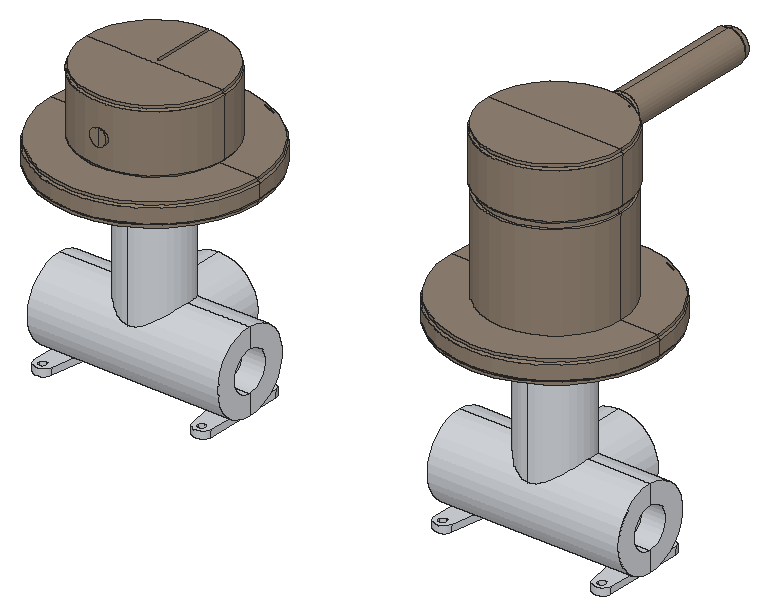
Revit family "Reece_Tap_Milli_Etch_Shower Mixer_Diverter", category Plumbing Fixtures, host Face, Revit 2018
Family settings
  Host = Face
  Round Connector Dimension = Use Diameter
  Part Type = Normal
  Cut with Voids When Loaded = No
  Shared = Yes
  Room Calculation Point = Yes
Parameters (values of type "Brushed Bronze")
  WFU = 0  # constant formula
  URL = "https://www.reece.com.au/product/-21748"
  Type Comments = "Tap"
  Reece_Tap_Inlet = 12 mm  # constant formula
  Reece_Tap_Handle Spacing [instance] = 120 mm
  Reece_Tap_Axis Distance [instance] = if(Reece_Tap_Handle Spacing < 80 mm, 80 mm, if(Reece_Tap_Handle Spacing > 80 mm, Reece_Tap_Handle Spacing, Reece_Tap_Handle Spacing))  # 120 mm
  Reece_Product_Web Page = "https://www.reece.com.au/product/-21748"
  Reece_Product_Type = "Tap"
  Reece_Product_Sub Brand = "Etch"
  Reece_Product_Number = "21748"
  Reece_Product_Mount = "Wall Mounted"
  Reece_Product_Description = "Milli Etch Shower Mixer Tap with Diverter Brushed Bronze Lead Free"
  Reece_Product_Brand = "Milli"
  Reece_Material_Secondary = Reece_PVD_Brushed Bronze_Knurl Pattern
  Reece_Material_Main = Reece_PVD_Brushed Bronze
  Reece_Detail_Installation = ""
  Reece_Detail_Disclaimer = "THIS FILE IS THE PROPERTY OF THE REECE GROUP. IT MAY NOT BE REPRODUCED, REVERSE-ENGINEERED, OR MODIFIED. ANY REPUBLICATION, TRANSMISSION, OR DISTRIBUTION FOR THE PURPOSE OF COMMERCIALLY EXPLOITING THE FILES IS PROHIBITED."  # constant formula
  Reece_Detail_Connector = ""
  Reece_Detail_Additional = "Shower Mixer"
  Model = "Etch"
  Manufacturer = "Milli"
  Keynote = "Product #21748, Reece_Tap_Milli_Etch_Shower Mixer_Diverter - Brushed Bronze"
  HWFU = 0  # constant formula
  Disclaimer = "THIS FILE IS THE PROPERTY OF THE REECE GROUP. IT MAY NOT BE REPRODUCED, REVERSE-ENGINEERED, OR MODIFIED. ANY REPUBLICATION, TRANSMISSION, OR DISTRIBUTION FOR THE PURPOSE OF COMMERCIALLY EXPLOITING THE FILES IS PROHIBITED."  # constant formula
  Description = "Milli Etch Shower Mixer Tap with Diverter Brushed Bronze Lead Free"
  Default Elevation = 1000 mm
  CWFU = 0  # constant formula
Types (6, lengths in mm): name | URL | Reece_Product_Web Page | Reece_Product_Number | Reece_Product_Description | Reece_Material_Secondary | Reece_Material_Main | Keynote | Description
  Chrome | "https://www.reece.com.au/product/-21743" | "https://www.reece.com.au/product/-21743" | "21743" | "Milli Etch Shower Mixer Tap with Diverter Chrome Lead Free" | Reece_Brass_Chrome_Knurl Pattern | Reece_Brass_Chrome | "Product #21743, Reece_Tap_Milli_Etch_Shower Mixer_Diverter - Chrome" | "Milli Etch Shower Mixer Tap with Diverter Chrome Lead Free"
  Brushed Nickel | "https://www.reece.com.au/product/-21745" | "https://www.reece.com.au/product/-21745" | "21745" | "Milli Etch Shower Mixer Tap with Diverter Brushed Nickel Lead Free" | Reece_Brass_Brushed Nickel_Knurl Pattern | Reece_Brass_Brushed Nickel | "Product #21745, Reece_Tap_Milli_Etch_Shower Mixer_Diverter - Brushed Nickel" | "Milli Etch Shower Mixer Tap with Diverter Brushed Nickel Lead Free"
  Matte Black | "https://www.reece.com.au/product/-21744" | "https://www.reece.com.au/product/-21744" | "21744" | "Milli Etch Shower Mixer Tap with Diverter Matte Black Lead Free" | Reece_Brass_Matte Black_Knurl Pattern | Reece_Brass_Matte Black | "Product #21744, Reece_Tap_Milli_Etch_Shower Mixer_Diverter - Matte Black" | "Milli Etch Shower Mixer Tap with Diverter Matte Black Lead Free"
  Brushed Gunmetal | "https://www.reece.com.au/product/-21747" | "https://www.reece.com.au/product/-21747" | "21747" | "Milli Etch Shower Mixer Tap with Diverter Brushed Gunmetal Lead Free" | Reece_Brass_Brushed Gunmetal_Knurl Pattern | Reece_Brass_Brushed Gunmetal | "Product #21747, Reece_Tap_Milli_Etch_Shower Mixer_Diverter - Brushed Gunmetal" | "Milli Etch Shower Mixer Tap with Diverter Brushed Gunmetal Lead Free"
  Brushed Gold | "https://www.reece.com.au/product/-21746" | "https://www.reece.com.au/product/-21746" | "21746" | "Milli Etch Shower Mixer Tap with Diverter Brushed Gold Lead Free" | Reece_PVD_Brushed Gold_Knurl Pattern | Reece_PVD_Brushed Gold | "Product #21746, Reece_Tap_Milli_Etch_Shower Mixer_Diverter - Brushed Gold" | "Milli Etch Shower Mixer Tap with Diverter Brushed Gold Lead Free"
  Brushed Bronze | "https://www.reece.com.au/product/-21748" | "https://www.reece.com.au/product/-21748" | "21748" | "Milli Etch Shower Mixer Tap with Diverter Brushed Bronze Lead Free" | Reece_PVD_Brushed Bronze_Knurl Pattern | Reece_PVD_Brushed Bronze | "Product #21748, Reece_Tap_Milli_Etch_Shower Mixer_Diverter - Brushed Bronze" | "Milli Etch Shower Mixer Tap with Diverter Brushed Bronze Lead Free"
Reference planes
  plane 1 "Center (Front/Back)": y = 0
  plane 2 "Bottom": z = 0
  plane 3 "Center (Left/Right)": x = 0
  plane 4 "L": x = -60
  plane 5 "R": x = 60
  plane 6: z = 16.3
  plane 7: z = 45
Forms (mm)
  Revolve 1, solid, material "Reece_PVD_Brushed Bronze" <- "Reece_Material_Main"
    sketch origin (105, 0, 0) x (1, 0, 0) y (0, 0, 1)
      loop
        line (-183, 7) -> (-165, 7) -> (-165, 27) -> (-185.5, 27) -> (-185.5, 26.2) -> (-186, 25.6) -> (-183, 25.6) -> (-183, 8.4) -> (-186, 8.4) -> (-185.5, 7.8) -> (-183, 7.8) -> (-183, 7)
      axis (-165, 27) -> (-165, 7)
    angle from 0 to 360
  Revolve 2, solid, material "Reece_PVD_Brushed Bronze" <- "Reece_Material_Main"
    sketch origin (-45.089, 0, 0) x (-1, 0, 0) y (0, 0, -1)
      loop
        line (-125, -7) -> (-125, -35.5) -> (-124.2, -35.5) -> (-124.2, -37.3) -> (-125, -37.3) -> (-125.5, -37.9) -> (-122.5, -37.9) -> (-122.5, -51.6) -> (-125.5, -51.6) -> (-125, -52.2) -> (-125, -53) -> (-105.089, -53) -> (-105.089, -7) -> (-125, -7)
      axis (-105.089, -53) -> (-105.089, -7)
    angle from 0 to 360
  Revolve 3, solid, material "Reece_PVD_Brushed Bronze_Knurl Pattern" <- "Reece_Material_Secondary"
    sketch origin (-45.089, 0, 11) x (-1, 0, 0) y (0, 0, -1)
      loop
        line (-124.7, -40.6) -> (-124.7, -26.9) -> (-125.5, -26.9) -> (-125.5, -40.6) -> (-124.7, -40.6)
      axis (-105.089, -26.9) -> (-105.089, -40.6)
    angle from 0 to 360
  Revolve 4, solid, material "Reece_PVD_Brushed Bronze_Knurl Pattern" <- "Reece_Material_Secondary"
    sketch origin (0, 0, 0) x (1, 0, 0) y (0, 0, 1)
      loop
        line (-81, 25.6) -> (-81, 8.4) -> (-60, 8.4) -> (-60, 25.6) -> (-81, 25.6)
      axis (-60, 25.6) -> (-60, 8.4)
    angle from 0 to 360
  Extrusion 5, void
    sketch origin (0, 0, 0) x (1, 0, 0) y (0, 1, 0)
      loop
        line (-60.5, 26.427) -> (-60.5, 1.9)
        arc (-60.5, 1.9) -> (-60, 1.4) -> (-59.5, 1.9) r 0.5
        line (-59.5, 1.9) -> (-59.5, 26.427) -> (-60.5, 26.427)
    from 26.2 to 30.511
  Revolve 6, solid
    sketch origin (60, -4572, 98.156) x (0, 0, 1) y (0, -1, 0)
      loop
        line (-98.156, -4582) -> (-98.156, -4572) -> (-144.301, -4572) -> (-144.301, -4582) -> (-98.156, -4582)
      axis (-98.156, -4572) -> (-144.301, -4572)
    angle from 0 to 360
  Revolve 7, solid
    sketch origin (0, 0, -13.899) x (1, 0, 0) y (0, 0, 1)
      loop
        line (38.654, -26) -> (38.654, -32) -> (81.346, -32) -> (81.346, -26) -> (88.553, -26) -> (88.553, -20) -> (31.447, -20) -> (31.447, -26) -> (38.654, -26)
      axis (88.553, -32) -> (31.447, -32)
    angle from 0 to 360
  Revolve 8, solid
    sketch origin (60, -4572, 98.156) x (0, 0, 1) y (0, -1, 0)
      loop
        line (-144.301, -4572) -> (-156.055, -4572) -> (-156.055, -4595.977) -> (-150.301, -4595.977) -> (-150.301, -4592.753) -> (-144.301, -4592.753) -> (-144.301, -4572)
      axis (-144.301, -4595.977) -> (-144.301, -4572)
    angle from 0 to 360
  Extrusion 9, solid
    sketch origin (0, 0, 0) x (1, 0, 0) y (0, 1, 0)
      loop
        circle (83.871, 12.14) r 1.168
      loop
        arc (86.673, 12.14) -> (83.848, 14.511) -> (81.023, 12.14) r 2.869
        line (81.023, 12.14) -> (79.035, 0.868)
        arc (79.035, 0.868) -> (78.959, 0) -> (79.035, -0.868) r 5
        line (79.035, -0.868) -> (81.023, -12.14)
        arc (81.023, -12.14) -> (83.848, -14.511) -> (86.673, -12.14) r 2.869
        line (86.673, -12.14) -> (86.673, 12.14)
      loop
        circle (83.871, -12.14) r 1.168
      loop
        circle (36.129, 12.14) r 1.168
      loop
        line (33.327, 12.14) -> (33.327, -12.14)
        arc (33.327, -12.14) -> (36.152, -14.511) -> (38.977, -12.14) r 2.869
        line (38.977, -12.14) -> (40.965, -0.868)
        arc (40.965, -0.868) -> (41.041, 0) -> (40.965, 0.868) r 5
        line (40.965, 0.868) -> (38.977, 12.14)
        arc (38.977, 12.14) -> (36.152, 14.511) -> (33.327, 12.14) r 2.869
      loop
        circle (36.129, -12.14) r 1.168
    from -59 to -57
  Revolve 10, solid
    sketch origin (15, 0, -13.899) x (-1, 0, 0) y (0, 0, -1)
      loop
        line (53.654, 26) -> (46.447, 26) -> (46.447, 20) -> (103.553, 20) -> (103.553, 26) -> (96.346, 26) -> (96.346, 32) -> (53.654, 32) -> (53.654, 26)
      axis (103.553, 32) -> (46.447, 32)
    angle from 0 to 360
  Revolve 11, solid
    sketch origin (-60, -4572, 98.156) x (0, 0, 1) y (0, -1, 0)
      loop
        line (-144.301, -4572) -> (-156.055, -4572) -> (-156.055, -4595.977) -> (-150.301, -4595.977) -> (-150.301, -4592.753) -> (-144.301, -4592.753) -> (-144.301, -4572)
      axis (-144.301, -4595.977) -> (-144.301, -4572)
    angle from 0 to 360
  Extrusion 12, solid
    sketch origin (0, 0, 0) x (-1, 0, 0) y (0, -1, 0)
      loop
        circle (83.871, -12.14) r 1.168
      loop
        line (86.673, -12.14) -> (86.673, 12.14)
        arc (86.673, 12.14) -> (83.848, 14.511) -> (81.023, 12.14) r 2.869
        line (81.023, 12.14) -> (79.035, 0.868)
        arc (79.035, 0.868) -> (78.959, 0) -> (79.035, -0.868) r 5
        line (79.035, -0.868) -> (81.023, -12.14)
        arc (81.023, -12.14) -> (83.848, -14.511) -> (86.673, -12.14) r 2.869
      loop
        circle (83.871, 12.14) r 1.168
      loop
        circle (36.129, -12.14) r 1.168
      loop
        arc (33.327, -12.14) -> (36.152, -14.511) -> (38.977, -12.14) r 2.869
        line (38.977, -12.14) -> (40.965, -0.868)
        arc (40.965, -0.868) -> (41.041, 0) -> (40.965, 0.868) r 5
        line (40.965, 0.868) -> (38.977, 12.14)
        arc (38.977, 12.14) -> (36.152, 14.511) -> (33.327, 12.14) r 2.869
        line (33.327, 12.14) -> (33.327, -12.14)
      loop
        circle (36.129, 12.14) r 1.168
    from -59 to -57
  Revolve 13, solid
    sketch origin (-60, -4572, 98.156) x (0, 0, 1) y (0, -1, 0)
      loop
        line (-98.156, -4582) -> (-98.156, -4572) -> (-144.301, -4572) -> (-144.301, -4582) -> (-98.156, -4582)
      axis (-98.156, -4572) -> (-144.301, -4572)
    angle from 0 to 360
  Revolve 14, void
    sketch origin (-60, -4572, 98.156) x (0, 0, 1) y (0, -1, 0)
      loop
        line (-98.156, -4587) -> (-98.156, -4572) -> (-174.33, -4572) -> (-174.33, -4587) -> (-98.156, -4587)
      axis (-98.156, -4572) -> (-174.33, -4572)
    angle from 0 to 360
  Revolve 15, void
    sketch origin (60, -4572, 98.156) x (0, 0, 1) y (0, -1, 0)
      loop
        line (-98.156, -4587) -> (-98.156, -4572) -> (-174.33, -4572) -> (-174.33, -4587) -> (-98.156, -4587)
      axis (-98.156, -4572) -> (-174.33, -4572)
    angle from 0 to 360
  Revolve 16, solid, material "Reece_PVD_Brushed Bronze" <- "Reece_Material_Main"
    sketch origin (-60, -4572, 98.156) x (0, 0, 1) y (0, -1, 0)
      loop
        line (-79.349, -4554.27) -> (-79.349, -4550.718) -> (-81.856, -4550.718) -> (-81.856, -4554.27) -> (-79.349, -4554.27)
      axis (-81.856, -4554.27) -> (-81.856, -4550.718)
    angle from 0 to 360
  Revolve 17, solid, material "Reece_PVD_Brushed Bronze_Knurl Pattern" <- "Reece_Material_Secondary"
    sketch origin (150.716, 0, 0) x (1, 0, 0) y (0, 0, 1)
      loop
        line (-90.716, 5.6) -> (-122.216, 5.6) -> (-122.216, 1.4) -> (-90.716, 1.4) -> (-90.716, 5.6)
      axis (-90.716, 5.6) -> (-90.716, 1.4)
    angle from 0 to 360
  Revolve 18, solid, material "Reece_PVD_Brushed Bronze" <- "Reece_Material_Main"
    sketch origin (255.716, 0, 0) x (1, 0, 0) y (0, 0, 1)
      loop
        line (-226.716, 0) -> (-195.716, 0) -> (-195.716, 1.4) -> (-227.216, 1.4) -> (-226.716, 0.8) -> (-226.716, 0)
      loop
        line (-226.716, 7) -> (-226.716, 6.2) -> (-227.216, 5.6) -> (-195.716, 5.6) -> (-195.716, 7) -> (-226.716, 7)
      axis (-195.716, 7) -> (-195.716, 0)
    angle from 0 to 360
  Revolve 19, solid, material "Reece_PVD_Brushed Bronze" <- "Reece_Material_Main"
    sketch origin (60, -4572, 98.156) x (0, 0, 1) y (0, -1, 0)
      loop
        line (-53.156, -4590.524) -> (-56.68, -4590.524) -> (-56.68, -4595.873) -> (-57.656, -4595.873) -> (-57.656, -4597.073) -> (-58.156, -4597.673) -> (-53.156, -4597.673) -> (-53.156, -4590.524)
      loop
        line (-53.156, -4637.173) -> (-58.156, -4637.173) -> (-57.656, -4637.773) -> (-57.656, -4638.973) -> (-53.156, -4638.973) -> (-53.156, -4637.173)
      axis (-53.156, -4590.524) -> (-53.156, -4638.973)
    angle from 0 to 360
  Revolve 20, solid, material "Reece_PVD_Brushed Bronze_Knurl Pattern" <- "Reece_Material_Secondary"
    sketch origin (60, -4572, 98.156) x (0, 0, 1) y (0, -1, 0)
      loop
        line (-53.156, -4637.173) -> (-48.129, -4637.173) -> (-48.129, -4597.673) -> (-53.156, -4597.673) -> (-53.156, -4637.173)
      axis (-53.156, -4597.673) -> (-53.156, -4637.173)
    angle from 0 to 360
  Revolve 21, solid, material "Reece_PVD_Brushed Bronze_Knurl Pattern" <- "Reece_Material_Secondary"
    sketch origin (150.716, 0, 0) x (1, 0, 0) y (0, 0, 1)
      loop
        line (-210.716, 5.6) -> (-242.216, 5.6) -> (-242.216, 1.4) -> (-210.716, 1.4) -> (-210.716, 5.6)
      axis (-210.716, 5.6) -> (-210.716, 1.4)
    angle from 0 to 360
  Revolve 22, solid, material "Reece_PVD_Brushed Bronze" <- "Reece_Material_Main"
    sketch origin (255.716, 0, 0) x (1, 0, 0) y (0, 0, 1)
      loop
        line (-346.716, 0) -> (-315.716, 0) -> (-315.716, 1.4) -> (-347.216, 1.4) -> (-346.716, 0.8) -> (-346.716, 0)
      loop
        line (-346.716, 7) -> (-346.716, 6.2) -> (-347.216, 5.6) -> (-315.716, 5.6) -> (-315.716, 7) -> (-346.716, 7)
      axis (-315.716, 7) -> (-315.716, 0)
    angle from 0 to 360
Cuts and joins
  Extrusion 5 cuts Revolve 1
  joined: Revolve 1, Revolve 16
  joined: Revolve 10, Revolve 11, Extrusion 12, Revolve 13
  joined: Revolve 6, Revolve 7, Extrusion 9
Text (mm)
  text "Reece ©" at (-376.789, -229.394, 0), in view "Ref. Level"
  text "Reece ©" at (44.384, 258.95, 192.345), in view "Reece Preview"
Dimensions and locks
  Extrusion 5 sketch curve to plane 4 "L" to Extrusion 5 sketch curve = 0.5 mm locked, 0.5 mm locked
  locked: plane 4 "L" to Revolve 4 sketch curve at 21
  Revolve 7 sketch curve to Revolve 7 sketch curve to plane 5 "R" to Revolve 7 sketch curve to Revolve 7 sketch curve = 7.208 mm locked, 21.346 mm locked, 21.346 mm locked, 7.208 mm locked
  plane 5 "R" to Revolve 3 sketch curve to Revolve 3 sketch curve = 19.611 mm locked, 0.8 mm locked
  Extrusion 9 sketch curve to Extrusion 9 sketch curve to Extrusion 9 sketch curve to Extrusion 9 sketch curve to plane 5 "R" to Extrusion 9 sketch curve to Extrusion 9 sketch curve to Extrusion 9 sketch curve = 3.97 mm locked, 1.68 mm locked, 1.988 mm locked, 19.035 mm locked, 19.035 mm locked, 6.004 mm locked, 1.633 mm locked
  Extrusion 9 sketch curve to Extrusion 9 sketch curve to Extrusion 9 sketch curve to Extrusion 9 sketch curve to plane 5 "R" to Extrusion 9 sketch curve to Extrusion 9 sketch curve to Extrusion 9 sketch curve to Extrusion 9 sketch curve = 1.633 mm locked, 4.016 mm locked, 1.988 mm locked, 19.035 mm locked, 19.035 mm locked, 1.988 mm locked, 4.016 mm locked, 1.633 mm locked
  Extrusion 9 to Extrusion 9 to plane 5 "R" to Extrusion 9 to Extrusion 9 = 7.638 mm locked, 19.035 mm locked, 19.035 mm locked, 7.638 mm locked
  Revolve 10 sketch curve to Revolve 10 sketch curve to plane 4 "L" to Revolve 10 sketch curve to Revolve 10 sketch curve = 7.208 mm locked, 21.346 mm locked, 21.346 mm locked, 7.208 mm locked
  Extrusion 12 sketch curve to Extrusion 12 sketch curve to Extrusion 12 sketch curve to Extrusion 12 sketch curve to Extrusion 12 sketch curve to Extrusion 12 sketch curve to Extrusion 12 sketch curve = 3.97 mm locked, 1.68 mm locked, 1.988 mm locked, 38.071 mm, 6.004 mm locked, 1.633 mm locked
  Extrusion 12 sketch curve to Extrusion 12 sketch curve to Extrusion 12 sketch curve to Extrusion 12 sketch curve to Extrusion 12 sketch curve to Extrusion 12 sketch curve to Extrusion 12 sketch curve to Extrusion 12 sketch curve = 1.633 mm locked, 4.016 mm locked, 1.988 mm locked, 38.071 mm, 1.988 mm locked, 4.016 mm locked, 1.633 mm locked
  Extrusion 12 to Extrusion 12 to plane 4 "L" to Extrusion 12 to Extrusion 12 = 7.638 mm locked, 19.035 mm locked, 19.035 mm locked, 7.638 mm locked
  equal spacing: plane 4 "L", plane 3 "Center (Left/Right)", plane 5 "R"
  "Reece_Tap_Axis Distance": plane 4 "L" to plane 5 "R"
  Revolve 18 sketch curve to Revolve 18 sketch curve to plane 5 "R" = 0.5 mm locked, 31 mm locked  (x2)
  locked: Revolve 17 sketch curve to plane 5 "R" at 31.5
  Revolve 22 sketch curve to Revolve 22 sketch curve to plane 4 "L" = 0.5 mm locked, 31 mm locked  (x2)
  locked: plane 4 "L" to Revolve 21 sketch curve at 31.5
  plane 4 "L" to Revolve 1 sketch curve to Revolve 1 sketch curve to Revolve 1 sketch curve = 18 mm locked, 2.5 mm locked, 0.5 mm locked  (x2)
  plane 5 "R" to Revolve 2 sketch curve to Revolve 2 sketch curve to Revolve 2 sketch curve = 17.411 mm locked, 2.5 mm locked, 0.5 mm locked
  plane 5 "R" to Revolve 2 sketch curve to Revolve 2 sketch curve = 19.111 mm locked, 0.8 mm locked
  plane 5 "R" to Revolve 2 sketch curve to Revolve 2 sketch curve = 19.911 mm locked, 0.5 mm locked
  aligned and locked: plane 2 "Bottom" to host face
  aligned and locked: level to host face
  aligned and locked: Revolve 1 sketch curve to plane 4 "L"  (x2)
  aligned and locked: Revolve 4 sketch curve to plane 4 "L"  (x2)
  aligned and locked: plane 5 "R" to Revolve 2 sketch curve  (x2)
  aligned and locked: Revolve 3 sketch curve to plane 5 "R"
  aligned and locked: Revolve 14 sketch curve to plane 1 "Center (Front/Back)"
  aligned and locked: Revolve 16 sketch curve to plane 6
  aligned and locked: Revolve 18 sketch curve to plane 5 "R"  (x3)
  aligned and locked: Revolve 17 sketch curve to plane 5 "R"
  aligned and locked: plane 5 "R" to Revolve 17 sketch curve
  aligned and locked: Revolve 21 sketch curve to plane 4 "L"
  aligned and locked: plane 4 "L" to Revolve 21 sketch curve
  aligned and locked: plane 4 "L" to Revolve 22 sketch curve  (x3)
Automatic sketch dimensions
  host sketch curve to host sketch curve = 380.785 mm
  host sketch curve to host sketch curve = 317.421 mm
  level to Revolve 3 sketch curve = 51.6 mm
  Revolve 3 sketch curve to Revolve 3 sketch curve = 13.7 mm
  level to Revolve 3 sketch curve = 16 mm
  Revolve 3 sketch curve to Revolve 3 sketch curve = 5 mm
  level to Revolve 4 sketch curve = 8.4 mm
  Revolve 4 sketch curve to Revolve 4 sketch curve = 17.2 mm
  Revolve 4 sketch curve to Revolve 4 sketch curve = 4.521 mm
  Revolve 4 sketch curve to Revolve 4 sketch curve = 7.377 mm
  Extrusion 5 sketch curve to plane 1 "Center (Front/Back)" = 1.9 mm
  Extrusion 5 sketch curve to Extrusion 5 sketch curve = 24.527 mm
  Revolve 6 sketch curve to plane 1 "Center (Front/Back)" = 0 mm  (x2)
  Revolve 6 sketch curve to level = 0 mm
  level to Revolve 6 sketch curve = 46.145 mm
  plane 1 "Center (Front/Back)" to Revolve 6 sketch curve = 10 mm
  Revolve 6 sketch curve to Revolve 6 sketch curve = 3.904 mm
  Revolve 6 sketch curve to Revolve 6 sketch curve = 25 mm
  Revolve 7 sketch curve to level = 45.899 mm  (x2)
  Revolve 7 sketch curve to Revolve 7 sketch curve = 6 mm  (x3)
  Revolve 7 sketch curve to plane 3 "Center (Left/Right)" = 20 mm
  Revolve 7 sketch curve to Revolve 7 sketch curve = 6.346 mm
  Revolve 8 sketch curve to plane 1 "Center (Front/Back)" = 0 mm  (x2)
  plane 1 "Center (Front/Back)" to Revolve 8 sketch curve = 23.977 mm
  level to Revolve 8 sketch curve = 57.899 mm
  Revolve 8 sketch curve to Revolve 8 sketch curve = 5.754 mm
  Revolve 8 sketch curve to Revolve 8 sketch curve = 6 mm
  Revolve 8 sketch curve to Revolve 8 sketch curve = 3.224 mm
  Revolve 8 sketch curve to Revolve 8 sketch curve = 0 mm
  Revolve 8 sketch curve to plane 1 "Center (Front/Back)" = 36.587 mm
  plane 1 "Center (Front/Back)" to Extrusion 9 sketch curve = 0 mm  (x2)
  Extrusion 9 sketch curve to Extrusion 9 sketch curve = 4.924 mm  (x2)
  Extrusion 9 sketch curve to Extrusion 9 sketch curve = 2.802 mm  (x2)
  Extrusion 9 sketch curve to Extrusion 9 sketch curve = 0.023 mm  (x4)
  Extrusion 9 sketch curve to Extrusion 9 sketch curve = 5.65 mm
  Extrusion 9 sketch curve to Extrusion 9 sketch curve = 2.825 mm  (x2)
  plane 1 "Center (Front/Back)" to Extrusion 9 sketch curve = 0.868 mm  (x2)
  plane 1 "Center (Front/Back)" to Extrusion 9 sketch curve = 11.642 mm  (x2)
  Extrusion 9 sketch curve to Extrusion 9 sketch curve = 0.498 mm  (x7)
  Extrusion 9 sketch curve to plane 1 "Center (Front/Back)" = 11.642 mm  (x2)
  Extrusion 9 sketch curve to Extrusion 9 sketch curve = 0 mm
  Revolve 10 sketch curve to level = 33.899 mm
  Revolve 10 sketch curve to Revolve 10 sketch curve = 6 mm  (x3)
  Revolve 10 sketch curve to plane 3 "Center (Left/Right)" = 45 mm
  plane 3 "Center (Left/Right)" to Revolve 10 sketch curve = 35 mm
  Revolve 10 sketch curve to level = 45.899 mm
  Revolve 11 sketch curve to plane 1 "Center (Front/Back)" = 0 mm  (x2)
  Revolve 11 sketch curve to plane 1 "Center (Front/Back)" = 23.977 mm
  Revolve 11 sketch curve to level = 57.899 mm
  Revolve 11 sketch curve to Revolve 11 sketch curve = 5.754 mm
  Revolve 11 sketch curve to Revolve 11 sketch curve = 6 mm
  Revolve 11 sketch curve to Revolve 11 sketch curve = 3.224 mm
  Revolve 11 sketch curve to Revolve 11 sketch curve = 0 mm
  plane 1 "Center (Front/Back)" to Revolve 11 sketch curve = 36.587 mm
  plane 1 "Center (Front/Back)" to Extrusion 12 sketch curve = 0 mm  (x2)
  plane 1 "Center (Front/Back)" to Extrusion 12 sketch curve = 12.14 mm
  plane 4 "L" to Extrusion 12 sketch curve = 26.673 mm
  Extrusion 12 sketch curve to Extrusion 12 sketch curve = 4.924 mm  (x2)
  Extrusion 12 sketch curve to Extrusion 12 sketch curve = 2.802 mm  (x2)
  Extrusion 12 sketch curve to Extrusion 12 sketch curve = 0.023 mm  (x4)
  Extrusion 12 sketch curve to Extrusion 12 sketch curve = 5.65 mm
  Extrusion 12 sketch curve to Extrusion 12 sketch curve = 2.825 mm  (x2)
  Extrusion 12 sketch curve to plane 1 "Center (Front/Back)" = 0.868 mm  (x2)
  Extrusion 12 sketch curve to plane 1 "Center (Front/Back)" = 11.642 mm  (x2)
  Extrusion 12 sketch curve to Extrusion 12 sketch curve = 0.498 mm  (x7)
  Extrusion 12 sketch curve to Extrusion 12 sketch curve = 0 mm
  plane 1 "Center (Front/Back)" to Extrusion 12 sketch curve = 11.642 mm
  Revolve 13 sketch curve to plane 1 "Center (Front/Back)" = 0 mm  (x2)
  level to Revolve 13 sketch curve = 0 mm
  Revolve 13 sketch curve to level = 46.145 mm
  Revolve 13 sketch curve to plane 1 "Center (Front/Back)" = 10 mm
  Revolve 13 sketch curve to Revolve 13 sketch curve = 3.904 mm
  Revolve 13 sketch curve to Revolve 13 sketch curve = 25 mm
  Revolve 14 sketch curve to plane 1 "Center (Front/Back)" = 0 mm
  level to Revolve 14 sketch curve = 0 mm
  Revolve 14 sketch curve to level = 76.173 mm
  Revolve 14 sketch curve to Revolve 14 sketch curve = 15 mm
  Revolve 14 sketch curve to Revolve 14 sketch curve = 14.48 mm
  Revolve 14 sketch curve to Revolve 14 sketch curve = 20.52 mm
  Revolve 15 sketch curve to plane 1 "Center (Front/Back)" = 0 mm  (x2)
  Revolve 15 sketch curve to level = 0 mm
  level to Revolve 15 sketch curve = 76.173 mm
  Revolve 15 sketch curve to Revolve 15 sketch curve = 15 mm
  Revolve 15 sketch curve to Revolve 15 sketch curve = 14.48 mm
  Revolve 15 sketch curve to Revolve 15 sketch curve = 20.52 mm
  Revolve 16 sketch curve to plane 6 = 0 mm
  Revolve 16 sketch curve to Revolve 16 sketch curve = 2.507 mm
  plane 1 "Center (Front/Back)" to Revolve 16 sketch curve = 21.282 mm
  Revolve 16 sketch curve to Revolve 16 sketch curve = 3.553 mm
  Revolve 16 sketch curve to Revolve 16 sketch curve = 6.358 mm
  Revolve 16 sketch curve to Revolve 16 sketch curve = 5.855 mm
  level to Revolve 17 sketch curve = 1.4 mm
  Revolve 17 sketch curve to Revolve 17 sketch curve = 4.2 mm
  Revolve 17 sketch curve to level = 27.931 mm
  Revolve 17 sketch curve to Revolve 17 sketch curve = 35 mm
  Revolve 18 sketch curve to level = 0 mm  (x2)
  level to Revolve 18 sketch curve = 7 mm
  level to Revolve 18 sketch curve = 5.6 mm
  level to Revolve 18 sketch curve = 0.8 mm
  Revolve 18 sketch curve to Revolve 18 sketch curve = 0.6 mm  (x2)
  Revolve 18 sketch curve to Revolve 18 sketch curve = 8.215 mm
  plane 7 to Revolve 19 sketch curve = 0 mm  (x3)
  Revolve 19 sketch curve to Revolve 19 sketch curve = 3.524 mm
  plane 7 to Revolve 19 sketch curve = 4.5 mm
  Revolve 19 sketch curve to Revolve 19 sketch curve = 0.976 mm
  Revolve 19 sketch curve to Revolve 19 sketch curve = 0.5 mm  (x2)
  plane 1 "Center (Front/Back)" to Revolve 19 sketch curve = 66.973 mm
  Revolve 19 sketch curve to Revolve 19 sketch curve = 1.2 mm  (x2)
  Revolve 19 sketch curve to Revolve 19 sketch curve = 0.6 mm  (x2)
  plane 1 "Center (Front/Back)" to Revolve 19 sketch curve = 25.673 mm
  Revolve 19 sketch curve to Revolve 19 sketch curve = 5.349 mm
  Revolve 19 sketch curve to Revolve 19 sketch curve = 1532.088 mm
  Revolve 19 sketch curve to plane 1 "Center (Front/Back)" = 1719.015 mm
  plane 7 to Revolve 20 sketch curve = 0 mm  (x2)
  Revolve 20 sketch curve to plane 7 = 5.027 mm
  plane 1 "Center (Front/Back)" to Revolve 20 sketch curve = 65.173 mm
  plane 1 "Center (Front/Back)" to Revolve 20 sketch curve = 25.673 mm
  Revolve 20 sketch curve to Revolve 20 sketch curve = 1533.888 mm
  Revolve 20 sketch curve to plane 1 "Center (Front/Back)" = 1719.015 mm
  level to Revolve 21 sketch curve = 1.4 mm
  Revolve 21 sketch curve to Revolve 21 sketch curve = 4.2 mm
  Revolve 21 sketch curve to level = 27.931 mm
  Revolve 21 sketch curve to Revolve 21 sketch curve = 35 mm
  Revolve 22 sketch curve to level = 0 mm  (x2)
  level to Revolve 22 sketch curve = 7 mm
  level to Revolve 22 sketch curve = 0.8 mm
  Revolve 22 sketch curve to Revolve 22 sketch curve = 0.6 mm  (x2)
  Revolve 22 sketch curve to Revolve 22 sketch curve = 1.4 mm
  Revolve 22 sketch curve to Revolve 22 sketch curve = 8.215 mm
  Revolve 1 sketch curve to level = 0 mm
  level to Revolve 1 sketch curve = 7 mm
  plane 6 to Revolve 1 sketch curve = 9.9 mm
  level to Revolve 1 sketch curve = 7.8 mm
  Revolve 1 sketch curve to Revolve 1 sketch curve = 0.6 mm  (x2)
  Revolve 1 sketch curve to Revolve 1 sketch curve = 8.215 mm
  plane 6 to Revolve 1 sketch curve = 10.7 mm
  Revolve 2 sketch curve to level = 0 mm
  plane 7 to Revolve 2 sketch curve = 6.6 mm
  level to Revolve 2 sketch curve = 7 mm
  Revolve 2 sketch curve to Revolve 2 sketch curve = 0.6 mm
  Revolve 2 sketch curve to Revolve 2 sketch curve = 0.8 mm
  Revolve 2 sketch curve to plane 7 = 7.7 mm
  Revolve 2 sketch curve to Revolve 2 sketch curve = 1.8 mm
  Revolve 2 sketch curve to plane 7 = 7.1 mm
  Revolve 2 sketch curve to Revolve 2 sketch curve = 35 mm
Connectors
  piping at (-38.654, 0, -45.899), diameter 12, driven by "Reece_Tap_Inlet"
    settings: on cut or joined group of Revolve 10, Revolve 11, Extrusion 12, Revolve 13, index 1, connector inside diameter 609.6 mm, connector length 0 mm, flow factor 0, pipe flow 0.0 L/s, pressure drop 0.0 Pa, fitting loss kfactor 0, connector angle 0.00°, fixture units 0, engagement length 0 mm, angle of deflection 0.00°, flow configuration 0, flow direction 2, fitting loss method 0, system type 29, joint type 0, gender type 0, connector reference index -1, connector utility 0, adjustable connector no, is connector primary yes, connector description ""
  piping at (-81.346, 0, -45.899), diameter 12, driven by "Reece_Tap_Inlet"
    settings: on cut or joined group of Revolve 10, Revolve 11, Extrusion 12, Revolve 13, index 2, connector inside diameter 609.6 mm, connector length 0 mm, flow factor 0, pipe flow 0.0 L/s, pressure drop 0.0 Pa, fitting loss kfactor 0, connector angle 0.00°, fixture units 0, engagement length 0 mm, angle of deflection 0.00°, flow configuration 0, flow direction 2, fitting loss method 0, system type 29, joint type 0, gender type 0, connector reference index -1, connector utility 0, adjustable connector no, is connector primary no, connector description ""
  piping at (-60, 20.753, -46.145), diameter 12, driven by "Reece_Tap_Inlet"
    settings: on cut or joined group of Revolve 10, Revolve 11, Extrusion 12, Revolve 13, index 3, connector inside diameter 609.6 mm, connector length 0 mm, flow factor 0, pipe flow 0.0 L/s, pressure drop 0.0 Pa, fitting loss kfactor 0, connector angle 0.00°, fixture units 0, engagement length 0 mm, angle of deflection 0.00°, flow configuration 0, flow direction 1, fitting loss method 0, system type 29, joint type 0, gender type 0, connector reference index -1, connector utility 0, adjustable connector no, is connector primary no, connector description ""
  piping at (60, 20.753, -46.145), diameter 12, driven by "Reece_Tap_Inlet"
    settings: on Revolve 8, index 4, connector inside diameter 609.6 mm, connector length 0 mm, flow factor 0, pipe flow 0.0 L/s, pressure drop 0.0 Pa, fitting loss kfactor 0, connector angle 0.00°, fixture units 0, engagement length 0 mm, angle of deflection 0.00°, flow configuration 0, flow direction 2, fitting loss method 0, system type 29, joint type 0, gender type 0, connector reference index -1, connector utility 0, adjustable connector no, is connector primary no, connector description ""
  piping at (81.346, 0, -45.899), diameter 12, driven by "Reece_Tap_Inlet"
    settings: on cut or joined group of Revolve 6, Revolve 7, Extrusion 9, index 5, connector inside diameter 609.6 mm, connector length 0 mm, flow factor 0, pipe flow 0.0 L/s, pressure drop 0.0 Pa, fitting loss kfactor 0, connector angle 0.00°, fixture units 0, engagement length 0 mm, angle of deflection 0.00°, flow configuration 0, flow direction 1, fitting loss method 0, system type 29, joint type 0, gender type 0, connector reference index -1, connector utility 0, adjustable connector no, is connector primary no, connector description ""
  piping at (38.654, 0, -45.899), diameter 12, driven by "Reece_Tap_Inlet"
    settings: on cut or joined group of Revolve 6, Revolve 7, Extrusion 9, index 6, connector inside diameter 609.6 mm, connector length 0 mm, flow factor 0, pipe flow 0.0 L/s, pressure drop 0.0 Pa, fitting loss kfactor 0, connector angle 0.00°, fixture units 0, engagement length 0 mm, angle of deflection 0.00°, flow configuration 0, flow direction 1, fitting loss method 0, system type 29, joint type 0, gender type 0, connector reference index -1, connector utility 0, adjustable connector no, is connector primary no, connector description ""
